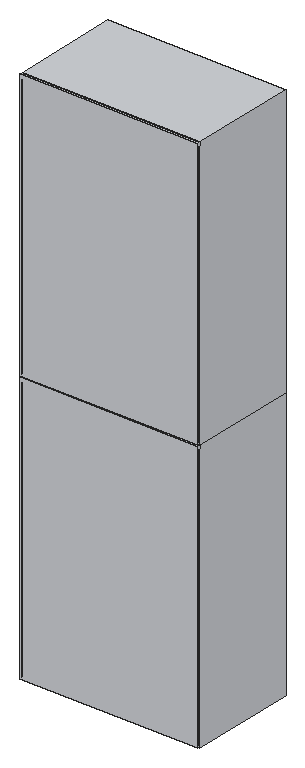
Revit family "LSN Configuration-A", category Electrical Equipment, host Face, Revit 2021
Family settings
  Host = Face
  Round Connector Dimension = Use Diameter
  Part Type = Other Panel
  OmniClass Number = 23.80.30.11.14
  OmniClass Title = Inverters
  Cut with Voids When Loaded = No
  Shared = No
  Room Calculation Point = No
Parameters (values of type "LSN")
  Width = 30.00"  # constant formula
  Wattage = ""
  Voltage = ""
  URL = "https://www.currentlighting.com/dual-lite"
  Temperature Range = "20°C - 30°C (68°F - 86°F)"  # constant formula
  Product Page URL = ""
  Product Documentation Link = ""
  Output Voltage = Output Voltage : 120/240VAC
  Model = "LSN - D Series"  # constant formula
  Manufacturer = "Dual-Lite"  # constant formula
  Load Classification = Power
  Input Voltage = Input Voltage : 120VAC
  Housing Material = Metal - Steel - Gray
  Height = 46.00"  # constant formula
  Door Open [instance] = no
  Door Angle [instance] = if(Door Open, 90.00°, 0.00°)  # 0.00°
  Description = "Single-Phase Central Lighting Inverters"  # constant formula
  Depth = 18.63"  # constant formula
  Default Elevation = 48.00"
  Connector Description = "Electrical Connector"  # constant formula
  Capacity Rating = Capacity Rating : 01 = 1.0KVA
  Battery Type = Battery Type : G = 20-Year VRLA Lead-Calcium
  Assembly Code = "D5090200"
Reference planes (in)
  plane 1 "Center (Front/Back)": y = 0
  plane 2 "Bottom": z = 0
  plane 3 "Center (Left/Right)": x = 0
  plane 4 "Right": x = 15
  plane 5 "Left": x = -15
  plane 6 "Top": z = 46
  plane 7 "T": y = 9.315
  plane 8 "Front": y = -9.315
  plane 9: y = -8.815
  plane 10: x = -14.5
  plane 11: z = 45.5
  plane 12: x = 14.5
  plane 13: z = 0.5
  plane 14: y = 8.815
Lines and regions (in)
  reference lines
    curve 1: line (-15, -8.815, 0) -> (-15, -9.315, 0)
    curve 2: line (-15, -8.815, 0) -> (-15, -15.565, 0)
    curve 3: line (-15, -8.815, 0) -> (-7, -8.815, 0)
Dimensions and locks (in)
  "Width": plane 5 "Left" to plane 4 "Right"
  "Depth": plane 8 "Front" to plane 7 "T"
  equal spacing: plane 8 "Front", plane 1 "Center (Front/Back)", plane 7 "T"
  equal spacing: plane 5 "Left", plane 3 "Center (Left/Right)", plane 4 "Right"
  locked: plane 9 to plane 8 "Front" at 0.5
  locked: plane 14 to plane 7 "T" at 0.5
  locked: curve 2 to curve 3 (angle 90.00°)
  "Door Angle": angle curve 3 to plane 9
  aligned and locked: host face to plane 2 "Bottom"
  aligned and locked: plane 9 to curve 1
  aligned and locked: plane 3 "Center (Left/Right)" to nested 1
  aligned and locked: plane 3 "Center (Left/Right)" to nested 2
  aligned and locked: plane 1 "Center (Front/Back)" to nested 1
  aligned and locked: plane 1 "Center (Front/Back)" to nested 2
Automatic sketch dimensions
  host sketch curve to host sketch curve = 122.61932"
  host sketch curve to host sketch curve = 96.00"
  curve 1 to plane 5 "Left" = 0.00"
  curve 1 to plane 8 "Front" = 0.00"
Nested families (in)
  nested 1: "LSN" at (0, 0, 0), type "LSN"
    with Door Angle 0.00°
  nested 2: "LSN-1" at (0, 0, 46), type "LSN"
    with Door Angle 0.00°
Connectors (in)
  electrical at (0, 9.315, 23), driven by "Connector Description", driven by "Load Classification"
    settings: on nested 1, index 1, voltage 0 V, apparent load 0 VA, apparent load phase1 0 VA, apparent load phase2 0 VA, apparent load phase3 0 VA, power factor 1, load classification "Power", number of poles 1, system type 30, power factor state 1, is connector primary yes, connector utility no, sub classification motor no, connector description "Electrical Connector"
Definition of nested family "LSN"
  Parameters
    Width = 30.00"  # constant formula
    Wattage = ""
    Voltage = ""
    URL = "http://www.dual-lite.com/"
    Temperature Range = "20°C - 30°C (68°F - 86°F)"  # constant formula
    Product Page URL = "http://www.dual-lite.com/products/lsn_d_series"
    Product Documentation Link = "http://cdn.dual-lite.com/content/products/specs/specs_files/dlt_lsn_specsht.pdf"
    Model = "LSN - D Series"  # constant formula
    Manufacturer Phone = "864-678-1000"  # constant formula
    Manufacturer Fax = "866-898-0131"  # constant formula
    Manufacturer = "Dual-Lite"  # constant formula
    Load Classification = none
    Housing Material = none
    Height = 46.00"  # constant formula
    Door Open = no
    Door Angle [instance] = if(Door Open, 90.00°, 0.00°)  # 0.00°
    Description = "Single-Phase Central Lighting Inverters"  # constant formula
    Depth = 18.63"  # constant formula
    Default Elevation = 48.00"
    Connector Description = "Electrical Connector"  # constant formula
    Assembly Code = "D5090200"
  Reference planes (in)
    plane 1 "Center (Front/Back)": y = 0
    plane 2 "Bottom": z = 0
    plane 3 "Center (Left/Right)": x = 0
    plane 4 "Right": x = 15
    plane 5 "Left": x = -15
    plane 6 "Top": z = 46
    plane 7 "T": y = 9.315
    plane 8 "Front": y = -9.315
    plane 9: y = -8.815
    plane 10: x = -14.5
    plane 11: z = 45.5
    plane 12: x = 14.5
    plane 13: z = 0.5
    plane 14: y = 8.815
  Forms (in)
    Extrusion 1, solid
      sketch origin (0, 0, 0) x (1, 0, 0) y (0, 1, 0)
        loop
          line (-48, 48) -> (-48, -48) -> (48, -48) -> (48, 48) -> (-48, 48)
      from 0 to -12
    Extrusion 2, solid, material <- "Housing Material"
      sketch origin (31, -10.16313, -33.67652) x (-1, 0, 0) y (0, 0, -1)
        loop
          line (46, -79.67652) -> (46, -33.67652) -> (16, -33.67652) -> (16, -79.67652) -> (46, -79.67652)
      from -1.34813 to -19.47813
    Extrusion 3, void
      sketch origin (0, -10.16313, 0) x (-1, 0, 0) y (0, 0, -1)
        loop
          line (14.5, -45.5) -> (14.5, -0.5) -> (-14.5, -0.5) -> (-14.5, -45.5) -> (14.5, -45.5)
      from -0.84813 to -18.97813
  Cuts and joins
    Extrusion 3 cuts Extrusion 2
  Lines and regions (in)
    reference lines
      curve 1: line (-15, -8.815, 0) -> (-15, -9.315, 0)
      curve 2: line (-15, -8.815, 0) -> (-15, -15.565, 0)
      curve 3: line (-15, -8.815, 0) -> (-7, -8.815, 0)
  Dimensions and locks (in)
    "Width": plane 5 "Left" to plane 4 "Right"
    "Depth": plane 8 "Front" to plane 7 "T"
    equal spacing: plane 8 "Front", plane 1 "Center (Front/Back)", plane 7 "T"
    equal spacing: plane 5 "Left", plane 3 "Center (Left/Right)", plane 4 "Right"
    locked: plane 9 to plane 8 "Front" at 0.5
    locked: plane 5 "Left" to plane 10 at 0.5
    locked: plane 6 "Top" to plane 11 at 0.5
    locked: plane 4 "Right" to plane 12 at 0.5
    locked: plane 14 to plane 7 "T" at 0.5
    locked: plane 13 to plane 2 "Bottom" at 0.5
    "Height": plane 6 "Top" to plane 2 "Bottom"
    locked: curve 2 to curve 3 (angle 90.00°)
    "Door Angle": angle curve 3 to plane 9
    "Door Angle": angle nested 1 to plane 9
    aligned and locked: plane 2 "Bottom" to Extrusion 1
    aligned and locked: Extrusion 2 sketch curve to plane 4 "Right"
    aligned and locked: plane 5 "Left" to Extrusion 2 sketch curve
    aligned and locked: Extrusion 3 sketch curve to plane 11
    aligned and locked: Extrusion 3 sketch curve to plane 12
    aligned and locked: plane 13 to Extrusion 3 sketch curve
    aligned and locked: Extrusion 3 sketch curve to plane 10
    aligned and locked: Extrusion 3 to plane 14
    aligned and locked: plane 9 to curve 1
    aligned and locked: Extrusion 2 to plane 7 "T"
    aligned and locked: Extrusion 3 to plane 8 "Front"
    aligned and locked: Extrusion 2 to plane 9
    aligned and locked: plane 6 "Top" to Extrusion 2
    aligned and locked: curve 2 to nested 1
    aligned and locked: curve 3 to nested 1
    aligned and locked: plane 6 "Top" to nested 1
  Automatic sketch dimensions
    Extrusion 1 sketch curve to Extrusion 1 sketch curve = 96.00"  (x2)
    Extrusion 2 sketch curve to plane 6 "Top" = 0.00"
    curve 3 to plane 5 "Left" = 0.00"
    curve 1 to plane 8 "Front" = 0.00"
    Extrusion 2 sketch curve to plane 2 "Bottom" = 0.00"
  Nested families (in)
    nested 1: "Door" at (0, -8.815, 0), type "Door"
  Definition of nested family "Door"
    Parameters
      Material = none
      Length = 30.00"
      Height = 46.00"
      Default Elevation = 0.00"
    Reference planes (in)
      plane 1 "Center (Front/Back)": y = 0
      plane 2: z = 0
      plane 3 "Center (Left/Right)": x = 0
      plane 4: x = 15
      plane 5: x = -15
      plane 6: y = -0.5
      plane 7: y = -0.4
      plane 8: z = 46
      plane 9: z = 0.50743
      plane 10: z = 45.5
      plane 11: x = -14.8
      plane 12: x = 14.8
      plane 13: z = 0.29687
    Forms (in)
      Extrusion 1, solid, material <- "Material"
        sketch origin (0, 0, 0) x (0, 1, 0) y (0, 0, 1)
          loop
            line (0, 46) -> (-0.5, 46) -> (-0.5, 0.29687) -> (0, 0.29687) -> (0, 0.50743) -> (-0.4, 0.50743) -> (-0.4, 45.5) -> (0, 45.5) -> (0, 46)
        from -15 to 15
      Extrusion 2, solid, material <- "Material"
        sketch origin (0, 0, 0) x (1, 0, 0) y (0, 1, 0)
          loop
            line (-15, 0) -> (-15, -0.4) -> (-14.8, -0.4) -> (-14.8, 0) -> (-15, 0)
          loop
            line (14.8, 0) -> (14.8, -0.4) -> (15, -0.4) -> (15, 0) -> (14.8, 0)
        from 0.50743 to 45.5
      Extrusion 3, void, not visible
        sketch origin (0, 0, 0) x (1, 0, 0) y (0, 0, 1)
          loop
            line (-13.99886, 4.74938) -> (-13.99886, 1.74938) -> (-13.74886, 1.74938) -> (-13.74886, 4.74938) -> (-13.99886, 4.74938)
        from 0 to 12
    Lines and regions (in)
      reference lines
        curve 1: line (-15, -0.5, 0) -> (-15, -2.25, 0)
        curve 2: line (-15, -0.5, 0) -> (18.75, -0.5, 0)
      model lines
        curve 3: circle (-12.83648, -0.5, 24.38305) r 0.5 normal (0, -1, 0)
    Dimensions and locks (in)
      equal spacing: plane 5, plane 3 "Center (Left/Right)", plane 4
      "Length": plane 5 to plane 4
      plane 1 "Center (Front/Back)" to plane 6 = 0.50"
      plane 7 to plane 6 = 0.10"
      "Height": plane 8 to level
      plane 8 to plane 10 = 0.50"
      plane 1 "Center (Front/Back)" to Extrusion 2 = 0.40"
      locked: plane 4 to plane 12 at 0.2
      locked: plane 11 to plane 5 at 0.2
      locked: plane 13 to plane 2 at 0.29688
      aligned and locked: plane 2 to level
      aligned and locked: Extrusion 1 sketch curve to plane 8
      aligned and locked: Extrusion 1 sketch curve to plane 6
      aligned and locked: plane 7 to Extrusion 1 sketch curve
      aligned and locked: plane 1 "Center (Front/Back)" to Extrusion 1 sketch curve
      aligned and locked: Extrusion 1 to plane 10
      aligned and locked: plane 9 to Extrusion 1
      aligned and locked: Extrusion 1 to plane 5
      aligned and locked: plane 4 to Extrusion 1
      aligned and locked: Extrusion 2 sketch curve to plane 11
      aligned and locked: plane 1 "Center (Front/Back)" to Extrusion 2 sketch curve
      aligned and locked: Extrusion 2 sketch curve to plane 12
      aligned and locked: plane 10 to Extrusion 2
      aligned and locked: Extrusion 2 to plane 9
      aligned and locked: Extrusion 2 sketch curve to plane 7  (x2)
    Automatic sketch dimensions
      curve 1 to plane 5 = 0.00"
      plane 6 to curve 2 = 0.00"
      plane 4 to curve 2 = 3.75"
      curve 1 to curve 1 = 1.75"
      Extrusion 3 sketch curve to Extrusion 3 sketch curve = 0.25"
      Extrusion 3 sketch curve to Extrusion 3 sketch curve = 3.00"
      Extrusion 1 sketch curve to plane 1 "Center (Front/Back)" = 0.00"
      Extrusion 1 sketch curve to plane 9 = 0.00"
      Extrusion 1 sketch curve to plane 10 = 0.00"
      Extrusion 2 sketch curve to plane 5 = 0.00"
      Extrusion 2 sketch curve to plane 4 = 0.00"
      plane 1 "Center (Front/Back)" to Extrusion 2 sketch curve = 0.00"
      plane 11 to curve 3 = 1.96352"
      curve 3 to plane 10 = 21.11695"
      level to Extrusion 1 sketch curve = 0.29688"
      radius of curve 3 = 0.50"
Definition of nested family "LSN-1"
  Parameters
    Width = 30.00"  # constant formula
    Wattage = ""
    Voltage = ""
    URL = "http://www.dual-lite.com/"
    Temperature Range = "20°C - 30°C (68°F - 86°F)"  # constant formula
    Product Page URL = "http://www.dual-lite.com/products/lsn_d_series"
    Product Documentation Link = "http://cdn.dual-lite.com/content/products/specs/specs_files/dlt_lsn_specsht.pdf"
    Model = "LSN - D Series"  # constant formula
    Manufacturer Phone = "864-678-1000"  # constant formula
    Manufacturer Fax = "866-898-0131"  # constant formula
    Manufacturer = "Dual-Lite"  # constant formula
    Load Classification = none
    Housing Material = none
    Height = 46.00"  # constant formula
    Door Open = no
    Door Angle [instance] = if(Door Open, 90.00°, 0.00°)  # 0.00°
    Description = "Single-Phase Central Lighting Inverters"  # constant formula
    Depth = 18.63"  # constant formula
    Default Elevation = 48.00"
    Connector Description = "Electrical Connector"  # constant formula
    Assembly Code = "D5090200"
  Reference planes (in)
    plane 1 "Center (Front/Back)": y = 0
    plane 2 "Bottom": z = 0
    plane 3 "Center (Left/Right)": x = 0
    plane 4 "Right": x = 15
    plane 5 "Left": x = -15
    plane 6 "Top": z = 46
    plane 7 "T": y = 9.315
    plane 8 "Front": y = -9.315
    plane 9: y = -8.815
    plane 10: x = -14.5
    plane 11: z = 45.5
    plane 12: x = 14.5
    plane 13: z = 0.5
    plane 14: y = 8.815
  Forms (in)
    Extrusion 1, solid
      sketch origin (0, 0, 0) x (1, 0, 0) y (0, 1, 0)
        loop
          line (-48, 48) -> (-48, -48) -> (48, -48) -> (48, 48) -> (-48, 48)
      from 0 to -12
    Extrusion 2, solid, material <- "Housing Material"
      sketch origin (31, -10.16313, -33.67652) x (-1, 0, 0) y (0, 0, -1)
        loop
          line (46, -79.67652) -> (46, -33.67652) -> (16, -33.67652) -> (16, -79.67652) -> (46, -79.67652)
      from -1.34813 to -19.47813
    Extrusion 3, void
      sketch origin (0, -10.16313, 0) x (-1, 0, 0) y (0, 0, -1)
        loop
          line (14.5, -45.5) -> (14.5, -0.5) -> (-14.5, -0.5) -> (-14.5, -45.5) -> (14.5, -45.5)
      from -0.84813 to -18.97813
  Cuts and joins
    Extrusion 3 cuts Extrusion 2
  Lines and regions (in)
    reference lines
      curve 1: line (-15, -8.815, 0) -> (-15, -9.315, 0)
      curve 2: line (-15, -8.815, 0) -> (-15, -15.565, 0)
      curve 3: line (-15, -8.815, 0) -> (-7, -8.815, 0)
  Dimensions and locks (in)
    "Width": plane 5 "Left" to plane 4 "Right"
    "Depth": plane 8 "Front" to plane 7 "T"
    equal spacing: plane 8 "Front", plane 1 "Center (Front/Back)", plane 7 "T"
    equal spacing: plane 5 "Left", plane 3 "Center (Left/Right)", plane 4 "Right"
    locked: plane 9 to plane 8 "Front" at 0.5
    locked: plane 5 "Left" to plane 10 at 0.5
    locked: plane 6 "Top" to plane 11 at 0.5
    locked: plane 4 "Right" to plane 12 at 0.5
    locked: plane 14 to plane 7 "T" at 0.5
    locked: plane 13 to plane 2 "Bottom" at 0.5
    "Height": plane 6 "Top" to plane 2 "Bottom"
    locked: curve 2 to curve 3 (angle 90.00°)
    "Door Angle": angle curve 3 to plane 9
    "Door Angle": angle nested 1 to plane 9
    aligned and locked: plane 2 "Bottom" to Extrusion 1
    aligned and locked: Extrusion 2 sketch curve to plane 4 "Right"
    aligned and locked: plane 5 "Left" to Extrusion 2 sketch curve
    aligned and locked: Extrusion 3 sketch curve to plane 11
    aligned and locked: Extrusion 3 sketch curve to plane 12
    aligned and locked: plane 13 to Extrusion 3 sketch curve
    aligned and locked: Extrusion 3 sketch curve to plane 10
    aligned and locked: Extrusion 3 to plane 14
    aligned and locked: plane 9 to curve 1
    aligned and locked: Extrusion 2 to plane 7 "T"
    aligned and locked: Extrusion 3 to plane 8 "Front"
    aligned and locked: Extrusion 2 to plane 9
    aligned and locked: plane 6 "Top" to Extrusion 2
    aligned and locked: curve 2 to nested 1
    aligned and locked: curve 3 to nested 1
    aligned and locked: plane 6 "Top" to nested 1
  Automatic sketch dimensions
    Extrusion 1 sketch curve to Extrusion 1 sketch curve = 96.00"  (x2)
    Extrusion 2 sketch curve to plane 6 "Top" = 0.00"
    curve 3 to plane 5 "Left" = 0.00"
    curve 1 to plane 8 "Front" = 0.00"
    Extrusion 2 sketch curve to plane 2 "Bottom" = 0.00"
  Nested families (in)
    nested 1: "Door" at (0, -8.815, 0), type "Door"
  Definition of nested family "Door"
    Parameters
      Material = none
      Length = 30.00"
      Height = 46.00"
      Default Elevation = 0.00"
    Reference planes (in)
      plane 1 "Center (Front/Back)": y = 0
      plane 2: z = 0
      plane 3 "Center (Left/Right)": x = 0
      plane 4: x = 15
      plane 5: x = -15
      plane 6: y = -0.5
      plane 7: y = -0.4
      plane 8: z = 46
      plane 9: z = 0.50743
      plane 10: z = 45.5
      plane 11: x = -14.8
      plane 12: x = 14.8
      plane 13: z = 0.29687
    Forms (in)
      Extrusion 1, solid, material <- "Material"
        sketch origin (0, 0, 0) x (0, 1, 0) y (0, 0, 1)
          loop
            line (0, 46) -> (-0.5, 46) -> (-0.5, 0.29687) -> (0, 0.29687) -> (0, 0.50743) -> (-0.4, 0.50743) -> (-0.4, 45.5) -> (0, 45.5) -> (0, 46)
        from -15 to 15
      Extrusion 2, solid, material <- "Material"
        sketch origin (0, 0, 0) x (1, 0, 0) y (0, 1, 0)
          loop
            line (-15, 0) -> (-15, -0.4) -> (-14.8, -0.4) -> (-14.8, 0) -> (-15, 0)
          loop
            line (14.8, 0) -> (14.8, -0.4) -> (15, -0.4) -> (15, 0) -> (14.8, 0)
        from 0.50743 to 45.5
      Extrusion 3, void, not visible
        sketch origin (0, 0, 0) x (1, 0, 0) y (0, 0, 1)
          loop
            line (-13.99886, 4.74938) -> (-13.99886, 1.74938) -> (-13.74886, 1.74938) -> (-13.74886, 4.74938) -> (-13.99886, 4.74938)
        from 0 to 12
    Lines and regions (in)
      reference lines
        curve 1: line (-15, -0.5, 0) -> (-15, -2.25, 0)
        curve 2: line (-15, -0.5, 0) -> (18.75, -0.5, 0)
      model lines
        curve 3: line (-13.5, -0.5, 19.91964) -> (13.5, -0.5, 19.91964)
        curve 4: line (-13.5, -0.5, 12.41964) -> (-13.5, -0.5, 19.91964)
        curve 5: line (13.5, -0.5, 12.41964) -> (-13.5, -0.5, 12.41964)
        curve 6: circle (0, -0.5, 13.68461) r 0.5 normal (0, -1, 0)
        curve 7: circle (-12.83648, -0.5, 24.38305) r 0.5 normal (0, -1, 0)
        curve 8: line (13.5, -0.5, 12.41964) -> (13.5, -0.5, 19.91964)
        curve 9: line (-13.99886, -0.5, 4.12438) -> (-13.74886, -0.5, 4.12438)
        curve 10: line (-13.99886, -0.5, 1.12438) -> (-13.99886, -0.5, 4.12438)
        curve 11: line (-13.74886, -0.5, 1.12438) -> (-13.99886, -0.5, 1.12438)
        curve 12: line (-13.74886, -0.5, 4.12438) -> (-13.74886, -0.5, 1.12438)
        curve 13: line (13.75114, -0.5, 4.12438) -> (14.00114, -0.5, 4.12438)
        curve 14: line (13.75114, -0.5, 1.12438) -> (13.75114, -0.5, 4.12438)
        curve 15: line (14.00114, -0.5, 1.12438) -> (13.75114, -0.5, 1.12438)
        curve 16: line (14.00114, -0.5, 4.12438) -> (14.00114, -0.5, 1.12438)
        curve 17: line (-13.43253, -0.5, 4.12438) -> (-13.18253, -0.5, 4.12438)
        curve 18: line (-13.43253, -0.5, 1.12438) -> (-13.43253, -0.5, 4.12438)
        curve 19: line (-13.18253, -0.5, 1.12438) -> (-13.43253, -0.5, 1.12438)
        curve 20: line (-13.18253, -0.5, 4.12438) -> (-13.18253, -0.5, 1.12438)
        curve 21: line (-12.86621, -0.5, 4.12438) -> (-12.61621, -0.5, 4.12438)
        curve 22: line (-12.86621, -0.5, 1.12438) -> (-12.86621, -0.5, 4.12438)
        curve 23: line (-12.61621, -0.5, 1.12438) -> (-12.86621, -0.5, 1.12438)
        curve 24: line (-12.61621, -0.5, 4.12438) -> (-12.61621, -0.5, 1.12438)
        curve 25: line (-12.29988, -0.5, 4.12438) -> (-12.04988, -0.5, 4.12438)
        curve 26: line (-12.29988, -0.5, 1.12438) -> (-12.29988, -0.5, 4.12438)
        curve 27: line (-12.04988, -0.5, 1.12438) -> (-12.29988, -0.5, 1.12438)
        curve 28: line (-12.04988, -0.5, 4.12438) -> (-12.04988, -0.5, 1.12438)
        curve 29: line (-11.73355, -0.5, 4.12438) -> (-11.48355, -0.5, 4.12438)
        curve 30: line (-11.73355, -0.5, 1.12438) -> (-11.73355, -0.5, 4.12438)
        curve 31: line (-11.48355, -0.5, 1.12438) -> (-11.73355, -0.5, 1.12438)
        curve 32: line (-11.48355, -0.5, 4.12438) -> (-11.48355, -0.5, 1.12438)
        curve 33: line (-11.16723, -0.5, 4.12438) -> (-10.91723, -0.5, 4.12438)
        curve 34: line (-11.16723, -0.5, 1.12438) -> (-11.16723, -0.5, 4.12438)
        curve 35: line (-10.91723, -0.5, 1.12438) -> (-11.16723, -0.5, 1.12438)
        curve 36: line (-10.91723, -0.5, 4.12438) -> (-10.91723, -0.5, 1.12438)
        curve 37: line (-10.6009, -0.5, 4.12438) -> (-10.3509, -0.5, 4.12438)
        curve 38: line (-10.6009, -0.5, 1.12438) -> (-10.6009, -0.5, 4.12438)
        curve 39: line (-10.3509, -0.5, 1.12438) -> (-10.6009, -0.5, 1.12438)
        curve 40: line (-10.3509, -0.5, 4.12438) -> (-10.3509, -0.5, 1.12438)
        curve 41: line (-10.03457, -0.5, 4.12438) -> (-9.78457, -0.5, 4.12438)
        curve 42: line (-10.03457, -0.5, 1.12438) -> (-10.03457, -0.5, 4.12438)
        curve 43: line (-9.78457, -0.5, 1.12438) -> (-10.03457, -0.5, 1.12438)
        curve 44: line (-9.78457, -0.5, 4.12438) -> (-9.78457, -0.5, 1.12438)
        curve 45: line (-9.46825, -0.5, 4.12438) -> (-9.21825, -0.5, 4.12438)
        curve 46: line (-9.46825, -0.5, 1.12438) -> (-9.46825, -0.5, 4.12438)
        curve 47: line (-9.21825, -0.5, 1.12438) -> (-9.46825, -0.5, 1.12438)
        curve 48: line (-9.21825, -0.5, 4.12438) -> (-9.21825, -0.5, 1.12438)
        curve 49: line (-8.90192, -0.5, 4.12438) -> (-8.65192, -0.5, 4.12438)
        curve 50: line (-8.90192, -0.5, 1.12438) -> (-8.90192, -0.5, 4.12438)
        curve 51: line (-8.65192, -0.5, 1.12438) -> (-8.90192, -0.5, 1.12438)
        curve 52: line (-8.65192, -0.5, 4.12438) -> (-8.65192, -0.5, 1.12438)
        curve 53: line (-8.33559, -0.5, 4.12438) -> (-8.08559, -0.5, 4.12438)
        curve 54: line (-8.33559, -0.5, 1.12438) -> (-8.33559, -0.5, 4.12438)
        curve 55: line (-8.08559, -0.5, 1.12438) -> (-8.33559, -0.5, 1.12438)
        curve 56: line (-8.08559, -0.5, 4.12438) -> (-8.08559, -0.5, 1.12438)
        curve 57: line (-7.76927, -0.5, 4.12438) -> (-7.51927, -0.5, 4.12438)
        curve 58: line (-7.76927, -0.5, 1.12438) -> (-7.76927, -0.5, 4.12438)
        curve 59: line (-7.51927, -0.5, 1.12438) -> (-7.76927, -0.5, 1.12438)
        curve 60: line (-7.51927, -0.5, 4.12438) -> (-7.51927, -0.5, 1.12438)
        curve 61: line (-7.20294, -0.5, 4.12438) -> (-6.95294, -0.5, 4.12438)
        curve 62: line (-7.20294, -0.5, 1.12438) -> (-7.20294, -0.5, 4.12438)
        curve 63: line (-6.95294, -0.5, 1.12438) -> (-7.20294, -0.5, 1.12438)
        curve 64: line (-6.95294, -0.5, 4.12438) -> (-6.95294, -0.5, 1.12438)
        curve 65: line (-6.63661, -0.5, 4.12438) -> (-6.38661, -0.5, 4.12438)
        curve 66: line (-6.63661, -0.5, 1.12438) -> (-6.63661, -0.5, 4.12438)
        curve 67: line (-6.38661, -0.5, 1.12438) -> (-6.63661, -0.5, 1.12438)
        curve 68: line (-6.38661, -0.5, 4.12438) -> (-6.38661, -0.5, 1.12438)
        curve 69: line (-6.07029, -0.5, 4.12438) -> (-5.82029, -0.5, 4.12438)
        curve 70: line (-6.07029, -0.5, 1.12438) -> (-6.07029, -0.5, 4.12438)
        curve 71: line (-5.82029, -0.5, 1.12438) -> (-6.07029, -0.5, 1.12438)
        curve 72: line (-5.82029, -0.5, 4.12438) -> (-5.82029, -0.5, 1.12438)
        curve 73: line (-5.50396, -0.5, 4.12438) -> (-5.25396, -0.5, 4.12438)
        curve 74: line (-5.50396, -0.5, 1.12438) -> (-5.50396, -0.5, 4.12438)
        curve 75: line (-5.25396, -0.5, 1.12438) -> (-5.50396, -0.5, 1.12438)
        curve 76: line (-5.25396, -0.5, 4.12438) -> (-5.25396, -0.5, 1.12438)
        curve 77: line (-4.93764, -0.5, 4.12438) -> (-4.68764, -0.5, 4.12438)
        curve 78: line (-4.93764, -0.5, 1.12438) -> (-4.93764, -0.5, 4.12438)
        curve 79: line (-4.68764, -0.5, 1.12438) -> (-4.93764, -0.5, 1.12438)
        curve 80: line (-4.68764, -0.5, 4.12438) -> (-4.68764, -0.5, 1.12438)
        curve 81: line (-4.37131, -0.5, 4.12438) -> (-4.12131, -0.5, 4.12438)
        curve 82: line (-4.37131, -0.5, 1.12438) -> (-4.37131, -0.5, 4.12438)
        curve 83: line (-4.12131, -0.5, 1.12438) -> (-4.37131, -0.5, 1.12438)
        curve 84: line (-4.12131, -0.5, 4.12438) -> (-4.12131, -0.5, 1.12438)
        curve 85: line (-3.80498, -0.5, 4.12438) -> (-3.55498, -0.5, 4.12438)
        curve 86: line (-3.80498, -0.5, 1.12438) -> (-3.80498, -0.5, 4.12438)
        curve 87: line (-3.55498, -0.5, 1.12438) -> (-3.80498, -0.5, 1.12438)
        curve 88: line (-3.55498, -0.5, 4.12438) -> (-3.55498, -0.5, 1.12438)
        curve 89: line (-3.23866, -0.5, 4.12438) -> (-2.98866, -0.5, 4.12438)
        curve 90: line (-3.23866, -0.5, 1.12438) -> (-3.23866, -0.5, 4.12438)
        curve 91: line (-2.98866, -0.5, 1.12438) -> (-3.23866, -0.5, 1.12438)
        curve 92: line (-2.98866, -0.5, 4.12438) -> (-2.98866, -0.5, 1.12438)
        curve 93: line (-2.67233, -0.5, 4.12438) -> (-2.42233, -0.5, 4.12438)
        curve 94: line (-2.67233, -0.5, 1.12438) -> (-2.67233, -0.5, 4.12438)
        curve 95: line (-2.42233, -0.5, 1.12438) -> (-2.67233, -0.5, 1.12438)
        curve 96: line (-2.42233, -0.5, 4.12438) -> (-2.42233, -0.5, 1.12438)
        curve 97: line (-2.106, -0.5, 4.12438) -> (-1.856, -0.5, 4.12438)
        curve 98: line (-2.106, -0.5, 1.12438) -> (-2.106, -0.5, 4.12438)
        curve 99: line (-1.856, -0.5, 1.12438) -> (-2.106, -0.5, 1.12438)
        curve 100: line (-1.856, -0.5, 4.12438) -> (-1.856, -0.5, 1.12438)
        curve 101: line (-1.53968, -0.5, 4.12438) -> (-1.28968, -0.5, 4.12438)
        curve 102: line (-1.53968, -0.5, 1.12438) -> (-1.53968, -0.5, 4.12438)
        curve 103: line (-1.28968, -0.5, 1.12438) -> (-1.53968, -0.5, 1.12438)
        curve 104: line (-1.28968, -0.5, 4.12438) -> (-1.28968, -0.5, 1.12438)
        curve 105: line (-0.97335, -0.5, 4.12438) -> (-0.72335, -0.5, 4.12438)
        curve 106: line (-0.97335, -0.5, 1.12438) -> (-0.97335, -0.5, 4.12438)
        curve 107: line (-0.72335, -0.5, 1.12438) -> (-0.97335, -0.5, 1.12438)
        curve 108: line (-0.72335, -0.5, 4.12438) -> (-0.72335, -0.5, 1.12438)
        curve 109: line (-0.40702, -0.5, 4.12438) -> (-0.15702, -0.5, 4.12438)
        curve 110: line (-0.40702, -0.5, 1.12438) -> (-0.40702, -0.5, 4.12438)
        curve 111: line (-0.15702, -0.5, 1.12438) -> (-0.40702, -0.5, 1.12438)
        curve 112: line (-0.15702, -0.5, 4.12438) -> (-0.15702, -0.5, 1.12438)
        curve 113: line (0.1593, -0.5, 4.12438) -> (0.4093, -0.5, 4.12438)
        curve 114: line (0.1593, -0.5, 1.12438) -> (0.1593, -0.5, 4.12438)
        curve 115: line (0.4093, -0.5, 1.12438) -> (0.1593, -0.5, 1.12438)
        curve 116: line (0.4093, -0.5, 4.12438) -> (0.4093, -0.5, 1.12438)
        curve 117: line (0.72563, -0.5, 4.12438) -> (0.97563, -0.5, 4.12438)
        curve 118: line (0.72563, -0.5, 1.12438) -> (0.72563, -0.5, 4.12438)
        curve 119: line (0.97563, -0.5, 1.12438) -> (0.72563, -0.5, 1.12438)
        curve 120: line (0.97563, -0.5, 4.12438) -> (0.97563, -0.5, 1.12438)
        curve 121: line (1.29196, -0.5, 4.12438) -> (1.54196, -0.5, 4.12438)
        curve 122: line (1.29196, -0.5, 1.12438) -> (1.29196, -0.5, 4.12438)
        curve 123: line (1.54196, -0.5, 1.12438) -> (1.29196, -0.5, 1.12438)
        curve 124: line (1.54196, -0.5, 4.12438) -> (1.54196, -0.5, 1.12438)
        curve 125: line (1.85828, -0.5, 4.12438) -> (2.10828, -0.5, 4.12438)
        curve 126: line (1.85828, -0.5, 1.12438) -> (1.85828, -0.5, 4.12438)
        curve 127: line (2.10828, -0.5, 1.12438) -> (1.85828, -0.5, 1.12438)
        curve 128: line (2.10828, -0.5, 4.12438) -> (2.10828, -0.5, 1.12438)
        curve 129: line (2.42461, -0.5, 4.12438) -> (2.67461, -0.5, 4.12438)
        curve 130: line (2.42461, -0.5, 1.12438) -> (2.42461, -0.5, 4.12438)
        curve 131: line (2.67461, -0.5, 1.12438) -> (2.42461, -0.5, 1.12438)
        curve 132: line (2.67461, -0.5, 4.12438) -> (2.67461, -0.5, 1.12438)
        curve 133: line (2.99094, -0.5, 4.12438) -> (3.24094, -0.5, 4.12438)
        curve 134: line (2.99094, -0.5, 1.12438) -> (2.99094, -0.5, 4.12438)
        curve 135: line (3.24094, -0.5, 1.12438) -> (2.99094, -0.5, 1.12438)
        curve 136: line (3.24094, -0.5, 4.12438) -> (3.24094, -0.5, 1.12438)
        curve 137: line (3.55726, -0.5, 4.12438) -> (3.80726, -0.5, 4.12438)
        curve 138: line (3.55726, -0.5, 1.12438) -> (3.55726, -0.5, 4.12438)
        curve 139: line (3.80726, -0.5, 1.12438) -> (3.55726, -0.5, 1.12438)
        curve 140: line (3.80726, -0.5, 4.12438) -> (3.80726, -0.5, 1.12438)
        curve 141: line (4.12359, -0.5, 4.12438) -> (4.37359, -0.5, 4.12438)
        curve 142: line (4.12359, -0.5, 1.12438) -> (4.12359, -0.5, 4.12438)
        curve 143: line (4.37359, -0.5, 1.12438) -> (4.12359, -0.5, 1.12438)
        curve 144: line (4.37359, -0.5, 4.12438) -> (4.37359, -0.5, 1.12438)
        curve 145: line (4.68992, -0.5, 4.12438) -> (4.93992, -0.5, 4.12438)
        curve 146: line (4.68992, -0.5, 1.12438) -> (4.68992, -0.5, 4.12438)
        curve 147: line (4.93992, -0.5, 1.12438) -> (4.68992, -0.5, 1.12438)
        curve 148: line (4.93992, -0.5, 4.12438) -> (4.93992, -0.5, 1.12438)
        curve 149: line (5.25624, -0.5, 4.12438) -> (5.50624, -0.5, 4.12438)
        curve 150: line (5.25624, -0.5, 1.12438) -> (5.25624, -0.5, 4.12438)
        curve 151: line (5.50624, -0.5, 1.12438) -> (5.25624, -0.5, 1.12438)
        curve 152: line (5.50624, -0.5, 4.12438) -> (5.50624, -0.5, 1.12438)
        curve 153: line (5.82257, -0.5, 4.12438) -> (6.07257, -0.5, 4.12438)
        curve 154: line (5.82257, -0.5, 1.12438) -> (5.82257, -0.5, 4.12438)
        curve 155: line (6.07257, -0.5, 1.12438) -> (5.82257, -0.5, 1.12438)
        curve 156: line (6.07257, -0.5, 4.12438) -> (6.07257, -0.5, 1.12438)
        curve 157: line (6.3889, -0.5, 4.12438) -> (6.6389, -0.5, 4.12438)
        curve 158: line (6.3889, -0.5, 1.12438) -> (6.3889, -0.5, 4.12438)
        curve 159: line (6.6389, -0.5, 1.12438) -> (6.3889, -0.5, 1.12438)
        curve 160: line (6.6389, -0.5, 4.12438) -> (6.6389, -0.5, 1.12438)
        curve 161: line (6.95522, -0.5, 4.12438) -> (7.20522, -0.5, 4.12438)
        curve 162: line (6.95522, -0.5, 1.12438) -> (6.95522, -0.5, 4.12438)
        curve 163: line (7.20522, -0.5, 1.12438) -> (6.95522, -0.5, 1.12438)
        curve 164: line (7.20522, -0.5, 4.12438) -> (7.20522, -0.5, 1.12438)
        curve 165: line (7.52155, -0.5, 4.12438) -> (7.77155, -0.5, 4.12438)
        curve 166: line (7.52155, -0.5, 1.12438) -> (7.52155, -0.5, 4.12438)
        curve 167: line (7.77155, -0.5, 1.12438) -> (7.52155, -0.5, 1.12438)
        curve 168: line (7.77155, -0.5, 4.12438) -> (7.77155, -0.5, 1.12438)
        curve 169: line (8.08788, -0.5, 4.12438) -> (8.33788, -0.5, 4.12438)
        curve 170: line (8.08788, -0.5, 1.12438) -> (8.08788, -0.5, 4.12438)
        curve 171: line (8.33788, -0.5, 1.12438) -> (8.08788, -0.5, 1.12438)
        curve 172: line (8.33788, -0.5, 4.12438) -> (8.33788, -0.5, 1.12438)
        curve 173: line (8.6542, -0.5, 4.12438) -> (8.9042, -0.5, 4.12438)
        curve 174: line (8.6542, -0.5, 1.12438) -> (8.6542, -0.5, 4.12438)
        curve 175: line (8.9042, -0.5, 1.12438) -> (8.6542, -0.5, 1.12438)
        curve 176: line (8.9042, -0.5, 4.12438) -> (8.9042, -0.5, 1.12438)
        curve 177: line (9.22053, -0.5, 4.12438) -> (9.47053, -0.5, 4.12438)
        curve 178: line (9.22053, -0.5, 1.12438) -> (9.22053, -0.5, 4.12438)
        curve 179: line (9.47053, -0.5, 1.12438) -> (9.22053, -0.5, 1.12438)
        curve 180: line (9.47053, -0.5, 4.12438) -> (9.47053, -0.5, 1.12438)
        curve 181: line (9.78685, -0.5, 4.12438) -> (10.03685, -0.5, 4.12438)
        curve 182: line (9.78685, -0.5, 1.12438) -> (9.78685, -0.5, 4.12438)
        curve 183: line (10.03685, -0.5, 1.12438) -> (9.78685, -0.5, 1.12438)
        curve 184: line (10.03685, -0.5, 4.12438) -> (10.03685, -0.5, 1.12438)
        curve 185: line (10.35318, -0.5, 4.12438) -> (10.60318, -0.5, 4.12438)
        curve 186: line (10.35318, -0.5, 1.12438) -> (10.35318, -0.5, 4.12438)
        curve 187: line (10.60318, -0.5, 1.12438) -> (10.35318, -0.5, 1.12438)
        curve 188: line (10.60318, -0.5, 4.12438) -> (10.60318, -0.5, 1.12438)
        curve 189: line (10.91951, -0.5, 4.12438) -> (11.16951, -0.5, 4.12438)
        curve 190: line (10.91951, -0.5, 1.12438) -> (10.91951, -0.5, 4.12438)
        curve 191: line (11.16951, -0.5, 1.12438) -> (10.91951, -0.5, 1.12438)
        curve 192: line (11.16951, -0.5, 4.12438) -> (11.16951, -0.5, 1.12438)
        curve 193: line (11.48583, -0.5, 4.12438) -> (11.73583, -0.5, 4.12438)
        curve 194: line (11.48583, -0.5, 1.12438) -> (11.48583, -0.5, 4.12438)
        curve 195: line (11.73583, -0.5, 1.12438) -> (11.48583, -0.5, 1.12438)
        curve 196: line (11.73583, -0.5, 4.12438) -> (11.73583, -0.5, 1.12438)
        curve 197: line (12.05216, -0.5, 4.12438) -> (12.30216, -0.5, 4.12438)
        curve 198: line (12.05216, -0.5, 1.12438) -> (12.05216, -0.5, 4.12438)
        curve 199: line (12.30216, -0.5, 1.12438) -> (12.05216, -0.5, 1.12438)
        curve 200: line (12.30216, -0.5, 4.12438) -> (12.30216, -0.5, 1.12438)
        curve 201: line (12.61849, -0.5, 4.12438) -> (12.86849, -0.5, 4.12438)
        curve 202: line (12.61849, -0.5, 1.12438) -> (12.61849, -0.5, 4.12438)
        curve 203: line (12.86849, -0.5, 1.12438) -> (12.61849, -0.5, 1.12438)
        curve 204: line (12.86849, -0.5, 4.12438) -> (12.86849, -0.5, 1.12438)
        curve 205: line (13.18481, -0.5, 4.12438) -> (13.43481, -0.5, 4.12438)
        curve 206: line (13.18481, -0.5, 1.12438) -> (13.18481, -0.5, 4.12438)
        curve 207: line (13.43481, -0.5, 1.12438) -> (13.18481, -0.5, 1.12438)
        curve 208: line (13.43481, -0.5, 4.12438) -> (13.43481, -0.5, 1.12438)
        curve 209: line (-13.99886, -0.5, 7.49938) -> (-13.74886, -0.5, 7.49938)
        curve 210: line (-13.99886, -0.5, 4.49938) -> (-13.99886, -0.5, 7.49938)
        curve 211: line (-13.74886, -0.5, 4.49938) -> (-13.99886, -0.5, 4.49938)
        curve 212: line (-13.74886, -0.5, 7.49938) -> (-13.74886, -0.5, 4.49938)
        curve 213: line (13.75114, -0.5, 7.49938) -> (14.00114, -0.5, 7.49938)
        curve 214: line (13.75114, -0.5, 4.49938) -> (13.75114, -0.5, 7.49938)
        curve 215: line (14.00114, -0.5, 4.49938) -> (13.75114, -0.5, 4.49938)
        curve 216: line (14.00114, -0.5, 7.49938) -> (14.00114, -0.5, 4.49938)
        curve 217: line (-13.43253, -0.5, 7.49938) -> (-13.18253, -0.5, 7.49938)
        curve 218: line (-13.43253, -0.5, 4.49938) -> (-13.43253, -0.5, 7.49938)
        curve 219: line (-13.18253, -0.5, 4.49938) -> (-13.43253, -0.5, 4.49938)
        curve 220: line (-13.18253, -0.5, 7.49938) -> (-13.18253, -0.5, 4.49938)
        curve 221: line (-12.86621, -0.5, 7.49938) -> (-12.61621, -0.5, 7.49938)
        curve 222: line (-12.86621, -0.5, 4.49938) -> (-12.86621, -0.5, 7.49938)
        curve 223: line (-12.61621, -0.5, 4.49938) -> (-12.86621, -0.5, 4.49938)
        curve 224: line (-12.61621, -0.5, 7.49938) -> (-12.61621, -0.5, 4.49938)
        curve 225: line (-12.29988, -0.5, 7.49938) -> (-12.04988, -0.5, 7.49938)
        curve 226: line (-12.29988, -0.5, 4.49938) -> (-12.29988, -0.5, 7.49938)
        curve 227: line (-12.04988, -0.5, 4.49938) -> (-12.29988, -0.5, 4.49938)
        curve 228: line (-12.04988, -0.5, 7.49938) -> (-12.04988, -0.5, 4.49938)
        curve 229: line (-11.73355, -0.5, 7.49938) -> (-11.48355, -0.5, 7.49938)
        curve 230: line (-11.73355, -0.5, 4.49938) -> (-11.73355, -0.5, 7.49938)
        curve 231: line (-11.48355, -0.5, 4.49938) -> (-11.73355, -0.5, 4.49938)
        curve 232: line (-11.48355, -0.5, 7.49938) -> (-11.48355, -0.5, 4.49938)
        curve 233: line (-11.16723, -0.5, 7.49938) -> (-10.91723, -0.5, 7.49938)
        curve 234: line (-11.16723, -0.5, 4.49938) -> (-11.16723, -0.5, 7.49938)
        curve 235: line (-10.91723, -0.5, 4.49938) -> (-11.16723, -0.5, 4.49938)
        curve 236: line (-10.91723, -0.5, 7.49938) -> (-10.91723, -0.5, 4.49938)
        curve 237: line (-10.6009, -0.5, 7.49938) -> (-10.3509, -0.5, 7.49938)
        curve 238: line (-10.6009, -0.5, 4.49938) -> (-10.6009, -0.5, 7.49938)
        curve 239: line (-10.3509, -0.5, 4.49938) -> (-10.6009, -0.5, 4.49938)
        curve 240: line (-10.3509, -0.5, 7.49938) -> (-10.3509, -0.5, 4.49938)
        curve 241: line (-10.03457, -0.5, 7.49938) -> (-9.78457, -0.5, 7.49938)
        curve 242: line (-10.03457, -0.5, 4.49938) -> (-10.03457, -0.5, 7.49938)
        curve 243: line (-9.78457, -0.5, 4.49938) -> (-10.03457, -0.5, 4.49938)
        curve 244: line (-9.78457, -0.5, 7.49938) -> (-9.78457, -0.5, 4.49938)
        curve 245: line (-9.46825, -0.5, 7.49938) -> (-9.21825, -0.5, 7.49938)
        curve 246: line (-9.46825, -0.5, 4.49938) -> (-9.46825, -0.5, 7.49938)
        curve 247: line (-9.21825, -0.5, 4.49938) -> (-9.46825, -0.5, 4.49938)
        curve 248: line (-9.21825, -0.5, 7.49938) -> (-9.21825, -0.5, 4.49938)
        curve 249: line (-8.90192, -0.5, 7.49938) -> (-8.65192, -0.5, 7.49938)
        curve 250: line (-8.90192, -0.5, 4.49938) -> (-8.90192, -0.5, 7.49938)
        curve 251: line (-8.65192, -0.5, 4.49938) -> (-8.90192, -0.5, 4.49938)
        curve 252: line (-8.65192, -0.5, 7.49938) -> (-8.65192, -0.5, 4.49938)
        curve 253: line (-8.33559, -0.5, 7.49938) -> (-8.08559, -0.5, 7.49938)
        curve 254: line (-8.33559, -0.5, 4.49938) -> (-8.33559, -0.5, 7.49938)
        curve 255: line (-8.08559, -0.5, 4.49938) -> (-8.33559, -0.5, 4.49938)
        curve 256: line (-8.08559, -0.5, 7.49938) -> (-8.08559, -0.5, 4.49938)
        curve 257: line (-7.76927, -0.5, 7.49938) -> (-7.51927, -0.5, 7.49938)
        curve 258: line (-7.76927, -0.5, 4.49938) -> (-7.76927, -0.5, 7.49938)
        curve 259: line (-7.51927, -0.5, 4.49938) -> (-7.76927, -0.5, 4.49938)
        curve 260: line (-7.51927, -0.5, 7.49938) -> (-7.51927, -0.5, 4.49938)
        curve 261: line (-7.20294, -0.5, 7.49938) -> (-6.95294, -0.5, 7.49938)
        curve 262: line (-7.20294, -0.5, 4.49938) -> (-7.20294, -0.5, 7.49938)
        curve 263: line (-6.95294, -0.5, 4.49938) -> (-7.20294, -0.5, 4.49938)
        curve 264: line (-6.95294, -0.5, 7.49938) -> (-6.95294, -0.5, 4.49938)
        curve 265: line (-6.63661, -0.5, 7.49938) -> (-6.38661, -0.5, 7.49938)
        curve 266: line (-6.63661, -0.5, 4.49938) -> (-6.63661, -0.5, 7.49938)
        curve 267: line (-6.38661, -0.5, 4.49938) -> (-6.63661, -0.5, 4.49938)
        curve 268: line (-6.38661, -0.5, 7.49938) -> (-6.38661, -0.5, 4.49938)
        curve 269: line (-6.07029, -0.5, 7.49938) -> (-5.82029, -0.5, 7.49938)
        curve 270: line (-6.07029, -0.5, 4.49938) -> (-6.07029, -0.5, 7.49938)
        curve 271: line (-5.82029, -0.5, 4.49938) -> (-6.07029, -0.5, 4.49938)
        curve 272: line (-5.82029, -0.5, 7.49938) -> (-5.82029, -0.5, 4.49938)
        curve 273: line (-5.50396, -0.5, 7.49938) -> (-5.25396, -0.5, 7.49938)
        curve 274: line (-5.50396, -0.5, 4.49938) -> (-5.50396, -0.5, 7.49938)
        curve 275: line (-5.25396, -0.5, 4.49938) -> (-5.50396, -0.5, 4.49938)
        curve 276: line (-5.25396, -0.5, 7.49938) -> (-5.25396, -0.5, 4.49938)
        curve 277: line (-4.93764, -0.5, 7.49938) -> (-4.68764, -0.5, 7.49938)
        curve 278: line (-4.93764, -0.5, 4.49938) -> (-4.93764, -0.5, 7.49938)
        curve 279: line (-4.68764, -0.5, 4.49938) -> (-4.93764, -0.5, 4.49938)
        curve 280: line (-4.68764, -0.5, 7.49938) -> (-4.68764, -0.5, 4.49938)
        curve 281: line (-4.37131, -0.5, 7.49938) -> (-4.12131, -0.5, 7.49938)
        curve 282: line (-4.37131, -0.5, 4.49938) -> (-4.37131, -0.5, 7.49938)
        curve 283: line (-4.12131, -0.5, 4.49938) -> (-4.37131, -0.5, 4.49938)
        curve 284: line (-4.12131, -0.5, 7.49938) -> (-4.12131, -0.5, 4.49938)
        curve 285: line (-3.80498, -0.5, 7.49938) -> (-3.55498, -0.5, 7.49938)
        curve 286: line (-3.80498, -0.5, 4.49938) -> (-3.80498, -0.5, 7.49938)
        curve 287: line (-3.55498, -0.5, 4.49938) -> (-3.80498, -0.5, 4.49938)
        curve 288: line (-3.55498, -0.5, 7.49938) -> (-3.55498, -0.5, 4.49938)
        curve 289: line (-3.23866, -0.5, 7.49938) -> (-2.98866, -0.5, 7.49938)
        curve 290: line (-3.23866, -0.5, 4.49938) -> (-3.23866, -0.5, 7.49938)
        curve 291: line (-2.98866, -0.5, 4.49938) -> (-3.23866, -0.5, 4.49938)
        curve 292: line (-2.98866, -0.5, 7.49938) -> (-2.98866, -0.5, 4.49938)
        curve 293: line (-2.67233, -0.5, 7.49938) -> (-2.42233, -0.5, 7.49938)
        curve 294: line (-2.67233, -0.5, 4.49938) -> (-2.67233, -0.5, 7.49938)
        curve 295: line (-2.42233, -0.5, 4.49938) -> (-2.67233, -0.5, 4.49938)
        curve 296: line (-2.42233, -0.5, 7.49938) -> (-2.42233, -0.5, 4.49938)
        curve 297: line (-2.106, -0.5, 7.49938) -> (-1.856, -0.5, 7.49938)
        curve 298: line (-2.106, -0.5, 4.49938) -> (-2.106, -0.5, 7.49938)
        curve 299: line (-1.856, -0.5, 4.49938) -> (-2.106, -0.5, 4.49938)
        curve 300: line (-1.856, -0.5, 7.49938) -> (-1.856, -0.5, 4.49938)
        curve 301: line (-1.53968, -0.5, 7.49938) -> (-1.28968, -0.5, 7.49938)
        curve 302: line (-1.53968, -0.5, 4.49938) -> (-1.53968, -0.5, 7.49938)
        curve 303: line (-1.28968, -0.5, 4.49938) -> (-1.53968, -0.5, 4.49938)
        curve 304: line (-1.28968, -0.5, 7.49938) -> (-1.28968, -0.5, 4.49938)
        curve 305: line (-0.97335, -0.5, 7.49938) -> (-0.72335, -0.5, 7.49938)
        curve 306: line (-0.97335, -0.5, 4.49938) -> (-0.97335, -0.5, 7.49938)
        curve 307: line (-0.72335, -0.5, 4.49938) -> (-0.97335, -0.5, 4.49938)
        curve 308: line (-0.72335, -0.5, 7.49938) -> (-0.72335, -0.5, 4.49938)
        curve 309: line (-0.40702, -0.5, 7.49938) -> (-0.15702, -0.5, 7.49938)
        curve 310: line (-0.40702, -0.5, 4.49938) -> (-0.40702, -0.5, 7.49938)
        curve 311: line (-0.15702, -0.5, 4.49938) -> (-0.40702, -0.5, 4.49938)
        curve 312: line (-0.15702, -0.5, 7.49938) -> (-0.15702, -0.5, 4.49938)
        curve 313: line (0.1593, -0.5, 7.49938) -> (0.4093, -0.5, 7.49938)
        curve 314: line (0.1593, -0.5, 4.49938) -> (0.1593, -0.5, 7.49938)
        curve 315: line (0.4093, -0.5, 4.49938) -> (0.1593, -0.5, 4.49938)
        curve 316: line (0.4093, -0.5, 7.49938) -> (0.4093, -0.5, 4.49938)
        curve 317: line (0.72563, -0.5, 7.49938) -> (0.97563, -0.5, 7.49938)
        curve 318: line (0.72563, -0.5, 4.49938) -> (0.72563, -0.5, 7.49938)
        curve 319: line (0.97563, -0.5, 4.49938) -> (0.72563, -0.5, 4.49938)
        curve 320: line (0.97563, -0.5, 7.49938) -> (0.97563, -0.5, 4.49938)
        curve 321: line (1.29196, -0.5, 7.49938) -> (1.54196, -0.5, 7.49938)
        curve 322: line (1.29196, -0.5, 4.49938) -> (1.29196, -0.5, 7.49938)
        curve 323: line (1.54196, -0.5, 4.49938) -> (1.29196, -0.5, 4.49938)
        curve 324: line (1.54196, -0.5, 7.49938) -> (1.54196, -0.5, 4.49938)
        curve 325: line (1.85828, -0.5, 7.49938) -> (2.10828, -0.5, 7.49938)
        curve 326: line (1.85828, -0.5, 4.49938) -> (1.85828, -0.5, 7.49938)
        curve 327: line (2.10828, -0.5, 4.49938) -> (1.85828, -0.5, 4.49938)
        curve 328: line (2.10828, -0.5, 7.49938) -> (2.10828, -0.5, 4.49938)
        curve 329: line (2.42461, -0.5, 7.49938) -> (2.67461, -0.5, 7.49938)
        curve 330: line (2.42461, -0.5, 4.49938) -> (2.42461, -0.5, 7.49938)
        curve 331: line (2.67461, -0.5, 4.49938) -> (2.42461, -0.5, 4.49938)
        curve 332: line (2.67461, -0.5, 7.49938) -> (2.67461, -0.5, 4.49938)
        curve 333: line (2.99094, -0.5, 7.49938) -> (3.24094, -0.5, 7.49938)
        curve 334: line (2.99094, -0.5, 4.49938) -> (2.99094, -0.5, 7.49938)
        curve 335: line (3.24094, -0.5, 4.49938) -> (2.99094, -0.5, 4.49938)
        curve 336: line (3.24094, -0.5, 7.49938) -> (3.24094, -0.5, 4.49938)
        curve 337: line (3.55726, -0.5, 7.49938) -> (3.80726, -0.5, 7.49938)
        curve 338: line (3.55726, -0.5, 4.49938) -> (3.55726, -0.5, 7.49938)
        curve 339: line (3.80726, -0.5, 4.49938) -> (3.55726, -0.5, 4.49938)
        curve 340: line (3.80726, -0.5, 7.49938) -> (3.80726, -0.5, 4.49938)
        curve 341: line (4.12359, -0.5, 7.49938) -> (4.37359, -0.5, 7.49938)
        curve 342: line (4.12359, -0.5, 4.49938) -> (4.12359, -0.5, 7.49938)
        curve 343: line (4.37359, -0.5, 4.49938) -> (4.12359, -0.5, 4.49938)
        curve 344: line (4.37359, -0.5, 7.49938) -> (4.37359, -0.5, 4.49938)
        curve 345: line (4.68992, -0.5, 7.49938) -> (4.93992, -0.5, 7.49938)
        curve 346: line (4.68992, -0.5, 4.49938) -> (4.68992, -0.5, 7.49938)
        curve 347: line (4.93992, -0.5, 4.49938) -> (4.68992, -0.5, 4.49938)
        curve 348: line (4.93992, -0.5, 7.49938) -> (4.93992, -0.5, 4.49938)
        curve 349: line (5.25624, -0.5, 7.49938) -> (5.50624, -0.5, 7.49938)
        curve 350: line (5.25624, -0.5, 4.49938) -> (5.25624, -0.5, 7.49938)
        curve 351: line (5.50624, -0.5, 4.49938) -> (5.25624, -0.5, 4.49938)
        curve 352: line (5.50624, -0.5, 7.49938) -> (5.50624, -0.5, 4.49938)
        curve 353: line (5.82257, -0.5, 7.49938) -> (6.07257, -0.5, 7.49938)
        curve 354: line (5.82257, -0.5, 4.49938) -> (5.82257, -0.5, 7.49938)
        curve 355: line (6.07257, -0.5, 4.49938) -> (5.82257, -0.5, 4.49938)
        curve 356: line (6.07257, -0.5, 7.49938) -> (6.07257, -0.5, 4.49938)
        curve 357: line (6.3889, -0.5, 7.49938) -> (6.6389, -0.5, 7.49938)
        curve 358: line (6.3889, -0.5, 4.49938) -> (6.3889, -0.5, 7.49938)
        curve 359: line (6.6389, -0.5, 4.49938) -> (6.3889, -0.5, 4.49938)
        curve 360: line (6.6389, -0.5, 7.49938) -> (6.6389, -0.5, 4.49938)
        curve 361: line (6.95522, -0.5, 7.49938) -> (7.20522, -0.5, 7.49938)
        curve 362: line (6.95522, -0.5, 4.49938) -> (6.95522, -0.5, 7.49938)
        curve 363: line (7.20522, -0.5, 4.49938) -> (6.95522, -0.5, 4.49938)
        curve 364: line (7.20522, -0.5, 7.49938) -> (7.20522, -0.5, 4.49938)
        curve 365: line (7.52155, -0.5, 7.49938) -> (7.77155, -0.5, 7.49938)
        curve 366: line (7.52155, -0.5, 4.49938) -> (7.52155, -0.5, 7.49938)
        curve 367: line (7.77155, -0.5, 4.49938) -> (7.52155, -0.5, 4.49938)
        curve 368: line (7.77155, -0.5, 7.49938) -> (7.77155, -0.5, 4.49938)
        curve 369: line (8.08788, -0.5, 7.49938) -> (8.33788, -0.5, 7.49938)
        curve 370: line (8.08788, -0.5, 4.49938) -> (8.08788, -0.5, 7.49938)
        curve 371: line (8.33788, -0.5, 4.49938) -> (8.08788, -0.5, 4.49938)
        curve 372: line (8.33788, -0.5, 7.49938) -> (8.33788, -0.5, 4.49938)
        curve 373: line (8.6542, -0.5, 7.49938) -> (8.9042, -0.5, 7.49938)
        curve 374: line (8.6542, -0.5, 4.49938) -> (8.6542, -0.5, 7.49938)
        curve 375: line (8.9042, -0.5, 4.49938) -> (8.6542, -0.5, 4.49938)
        curve 376: line (8.9042, -0.5, 7.49938) -> (8.9042, -0.5, 4.49938)
        curve 377: line (9.22053, -0.5, 7.49938) -> (9.47053, -0.5, 7.49938)
        curve 378: line (9.22053, -0.5, 4.49938) -> (9.22053, -0.5, 7.49938)
        curve 379: line (9.47053, -0.5, 4.49938) -> (9.22053, -0.5, 4.49938)
        curve 380: line (9.47053, -0.5, 7.49938) -> (9.47053, -0.5, 4.49938)
        curve 381: line (9.78685, -0.5, 7.49938) -> (10.03685, -0.5, 7.49938)
        curve 382: line (9.78685, -0.5, 4.49938) -> (9.78685, -0.5, 7.49938)
        curve 383: line (10.03685, -0.5, 4.49938) -> (9.78685, -0.5, 4.49938)
        curve 384: line (10.03685, -0.5, 7.49938) -> (10.03685, -0.5, 4.49938)
        curve 385: line (10.35318, -0.5, 7.49938) -> (10.60318, -0.5, 7.49938)
        curve 386: line (10.35318, -0.5, 4.49938) -> (10.35318, -0.5, 7.49938)
        curve 387: line (10.60318, -0.5, 4.49938) -> (10.35318, -0.5, 4.49938)
        curve 388: line (10.60318, -0.5, 7.49938) -> (10.60318, -0.5, 4.49938)
        curve 389: line (10.91951, -0.5, 7.49938) -> (11.16951, -0.5, 7.49938)
        curve 390: line (10.91951, -0.5, 4.49938) -> (10.91951, -0.5, 7.49938)
        curve 391: line (11.16951, -0.5, 4.49938) -> (10.91951, -0.5, 4.49938)
        curve 392: line (11.16951, -0.5, 7.49938) -> (11.16951, -0.5, 4.49938)
        curve 393: line (11.48583, -0.5, 7.49938) -> (11.73583, -0.5, 7.49938)
        curve 394: line (11.48583, -0.5, 4.49938) -> (11.48583, -0.5, 7.49938)
        curve 395: line (11.73583, -0.5, 4.49938) -> (11.48583, -0.5, 4.49938)
        curve 396: line (11.73583, -0.5, 7.49938) -> (11.73583, -0.5, 4.49938)
        curve 397: line (12.05216, -0.5, 7.49938) -> (12.30216, -0.5, 7.49938)
        curve 398: line (12.05216, -0.5, 4.49938) -> (12.05216, -0.5, 7.49938)
        curve 399: line (12.30216, -0.5, 4.49938) -> (12.05216, -0.5, 4.49938)
        curve 400: line (12.30216, -0.5, 7.49938) -> (12.30216, -0.5, 4.49938)
        curve 401: line (12.61849, -0.5, 7.49938) -> (12.86849, -0.5, 7.49938)
        curve 402: line (12.61849, -0.5, 4.49938) -> (12.61849, -0.5, 7.49938)
        curve 403: line (12.86849, -0.5, 4.49938) -> (12.61849, -0.5, 4.49938)
        curve 404: line (12.86849, -0.5, 7.49938) -> (12.86849, -0.5, 4.49938)
        curve 405: line (13.18481, -0.5, 7.49938) -> (13.43481, -0.5, 7.49938)
        curve 406: line (13.18481, -0.5, 4.49938) -> (13.18481, -0.5, 7.49938)
        curve 407: line (13.43481, -0.5, 4.49938) -> (13.18481, -0.5, 4.49938)
        curve 408: line (13.43481, -0.5, 7.49938) -> (13.43481, -0.5, 4.49938)
        curve 409: line (-13.99886, -0.5, 41.43688) -> (-13.74886, -0.5, 41.43688)
        curve 410: line (-13.99886, -0.5, 38.43688) -> (-13.99886, -0.5, 41.43688)
        curve 411: line (-13.74886, -0.5, 38.43688) -> (-13.99886, -0.5, 38.43688)
        curve 412: line (-13.74886, -0.5, 41.43688) -> (-13.74886, -0.5, 38.43688)
        curve 413: line (13.75114, -0.5, 41.43688) -> (14.00114, -0.5, 41.43688)
        curve 414: line (13.75114, -0.5, 38.43688) -> (13.75114, -0.5, 41.43688)
        curve 415: line (14.00114, -0.5, 38.43688) -> (13.75114, -0.5, 38.43688)
        curve 416: line (14.00114, -0.5, 41.43688) -> (14.00114, -0.5, 38.43688)
        curve 417: line (-13.43253, -0.5, 41.43688) -> (-13.18253, -0.5, 41.43688)
        curve 418: line (-13.43253, -0.5, 38.43688) -> (-13.43253, -0.5, 41.43688)
        curve 419: line (-13.18253, -0.5, 38.43688) -> (-13.43253, -0.5, 38.43688)
        curve 420: line (-13.18253, -0.5, 41.43688) -> (-13.18253, -0.5, 38.43688)
        curve 421: line (-12.86621, -0.5, 41.43688) -> (-12.61621, -0.5, 41.43688)
        curve 422: line (-12.86621, -0.5, 38.43688) -> (-12.86621, -0.5, 41.43688)
        curve 423: line (-12.61621, -0.5, 38.43688) -> (-12.86621, -0.5, 38.43688)
        curve 424: line (-12.61621, -0.5, 41.43688) -> (-12.61621, -0.5, 38.43688)
        curve 425: line (-12.29988, -0.5, 41.43688) -> (-12.04988, -0.5, 41.43688)
        curve 426: line (-12.29988, -0.5, 38.43688) -> (-12.29988, -0.5, 41.43688)
        curve 427: line (-12.04988, -0.5, 38.43688) -> (-12.29988, -0.5, 38.43688)
        curve 428: line (-12.04988, -0.5, 41.43688) -> (-12.04988, -0.5, 38.43688)
        curve 429: line (-11.73355, -0.5, 41.43688) -> (-11.48355, -0.5, 41.43688)
        curve 430: line (-11.73355, -0.5, 38.43688) -> (-11.73355, -0.5, 41.43688)
        curve 431: line (-11.48355, -0.5, 38.43688) -> (-11.73355, -0.5, 38.43688)
        curve 432: line (-11.48355, -0.5, 41.43688) -> (-11.48355, -0.5, 38.43688)
        curve 433: line (-11.16723, -0.5, 41.43688) -> (-10.91723, -0.5, 41.43688)
        curve 434: line (-11.16723, -0.5, 38.43688) -> (-11.16723, -0.5, 41.43688)
        curve 435: line (-10.91723, -0.5, 38.43688) -> (-11.16723, -0.5, 38.43688)
        curve 436: line (-10.91723, -0.5, 41.43688) -> (-10.91723, -0.5, 38.43688)
        curve 437: line (-10.6009, -0.5, 41.43688) -> (-10.3509, -0.5, 41.43688)
        curve 438: line (-10.6009, -0.5, 38.43688) -> (-10.6009, -0.5, 41.43688)
        curve 439: line (-10.3509, -0.5, 38.43688) -> (-10.6009, -0.5, 38.43688)
        curve 440: line (-10.3509, -0.5, 41.43688) -> (-10.3509, -0.5, 38.43688)
        curve 441: line (-10.03457, -0.5, 41.43688) -> (-9.78457, -0.5, 41.43688)
        curve 442: line (-10.03457, -0.5, 38.43688) -> (-10.03457, -0.5, 41.43688)
        curve 443: line (-9.78457, -0.5, 38.43688) -> (-10.03457, -0.5, 38.43688)
        curve 444: line (-9.78457, -0.5, 41.43688) -> (-9.78457, -0.5, 38.43688)
        curve 445: line (-9.46825, -0.5, 41.43688) -> (-9.21825, -0.5, 41.43688)
        curve 446: line (-9.46825, -0.5, 38.43688) -> (-9.46825, -0.5, 41.43688)
        curve 447: line (-9.21825, -0.5, 38.43688) -> (-9.46825, -0.5, 38.43688)
        curve 448: line (-9.21825, -0.5, 41.43688) -> (-9.21825, -0.5, 38.43688)
        curve 449: line (-8.90192, -0.5, 41.43688) -> (-8.65192, -0.5, 41.43688)
        curve 450: line (-8.90192, -0.5, 38.43688) -> (-8.90192, -0.5, 41.43688)
        curve 451: line (-8.65192, -0.5, 38.43688) -> (-8.90192, -0.5, 38.43688)
        curve 452: line (-8.65192, -0.5, 41.43688) -> (-8.65192, -0.5, 38.43688)
        curve 453: line (-8.33559, -0.5, 41.43688) -> (-8.08559, -0.5, 41.43688)
        curve 454: line (-8.33559, -0.5, 38.43688) -> (-8.33559, -0.5, 41.43688)
        curve 455: line (-8.08559, -0.5, 38.43688) -> (-8.33559, -0.5, 38.43688)
        curve 456: line (-8.08559, -0.5, 41.43688) -> (-8.08559, -0.5, 38.43688)
        curve 457: line (-7.76927, -0.5, 41.43688) -> (-7.51927, -0.5, 41.43688)
        curve 458: line (-7.76927, -0.5, 38.43688) -> (-7.76927, -0.5, 41.43688)
        curve 459: line (-7.51927, -0.5, 38.43688) -> (-7.76927, -0.5, 38.43688)
        curve 460: line (-7.51927, -0.5, 41.43688) -> (-7.51927, -0.5, 38.43688)
        curve 461: line (-7.20294, -0.5, 41.43688) -> (-6.95294, -0.5, 41.43688)
        curve 462: line (-7.20294, -0.5, 38.43688) -> (-7.20294, -0.5, 41.43688)
        curve 463: line (-6.95294, -0.5, 38.43688) -> (-7.20294, -0.5, 38.43688)
        curve 464: line (-6.95294, -0.5, 41.43688) -> (-6.95294, -0.5, 38.43688)
        curve 465: line (-6.63661, -0.5, 41.43688) -> (-6.38661, -0.5, 41.43688)
        curve 466: line (-6.63661, -0.5, 38.43688) -> (-6.63661, -0.5, 41.43688)
        curve 467: line (-6.38661, -0.5, 38.43688) -> (-6.63661, -0.5, 38.43688)
        curve 468: line (-6.38661, -0.5, 41.43688) -> (-6.38661, -0.5, 38.43688)
        curve 469: line (-6.07029, -0.5, 41.43688) -> (-5.82029, -0.5, 41.43688)
        curve 470: line (-6.07029, -0.5, 38.43688) -> (-6.07029, -0.5, 41.43688)
        curve 471: line (-5.82029, -0.5, 38.43688) -> (-6.07029, -0.5, 38.43688)
        curve 472: line (-5.82029, -0.5, 41.43688) -> (-5.82029, -0.5, 38.43688)
        curve 473: line (-5.50396, -0.5, 41.43688) -> (-5.25396, -0.5, 41.43688)
        curve 474: line (-5.50396, -0.5, 38.43688) -> (-5.50396, -0.5, 41.43688)
        curve 475: line (-5.25396, -0.5, 38.43688) -> (-5.50396, -0.5, 38.43688)
        curve 476: line (-5.25396, -0.5, 41.43688) -> (-5.25396, -0.5, 38.43688)
        curve 477: line (-4.93764, -0.5, 41.43688) -> (-4.68764, -0.5, 41.43688)
        curve 478: line (-4.93764, -0.5, 38.43688) -> (-4.93764, -0.5, 41.43688)
        curve 479: line (-4.68764, -0.5, 38.43688) -> (-4.93764, -0.5, 38.43688)
        curve 480: line (-4.68764, -0.5, 41.43688) -> (-4.68764, -0.5, 38.43688)
        curve 481: line (-4.37131, -0.5, 41.43688) -> (-4.12131, -0.5, 41.43688)
        curve 482: line (-4.37131, -0.5, 38.43688) -> (-4.37131, -0.5, 41.43688)
        curve 483: line (-4.12131, -0.5, 38.43688) -> (-4.37131, -0.5, 38.43688)
        curve 484: line (-4.12131, -0.5, 41.43688) -> (-4.12131, -0.5, 38.43688)
        curve 485: line (-3.80498, -0.5, 41.43688) -> (-3.55498, -0.5, 41.43688)
